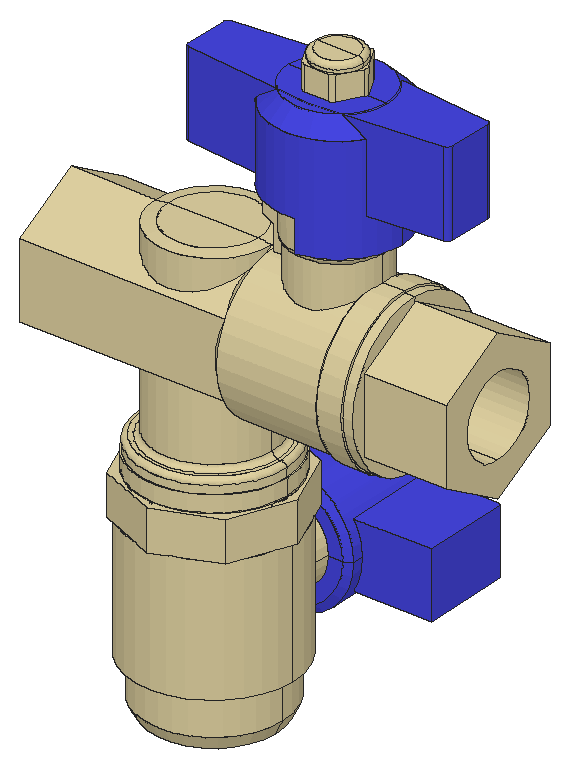
Revit family "QD37090000", category Apparecchi idraulici, Revit 2020
Family settings
  Quota connettore circolare = Usa diametro
  Tipo di parte = Normale
  Numero OmniClass = 23.45.00.00
  Titolo OmniClass = Sanitary, Laundry, and Cleaning Equipment
  Basato su piano di lavoro = No
  Sempre verticale = Sì
  Taglio con vuoti quando caricato = No
  Condiviso = No
  Punto di calcolo locali = No
Parameters
  URL = "https://web.cimberio.com/index.php/figura/1876?subcategoria_id="
  Temperatura di esercizio = "-20 ÷ 150°C"
  Prospetto di default = 0 mm
  Produttore = "CIMBERIO SPA"
  Pressione nominale = "PN 32"
  Modello = "Cim 630Y"
  Materiale = "Prodotto in lega di ottone conforme alla norma EN 12165-CW617N-DW"
  Descrizione = "Utilizzato nei più svariati settori dell'impiantistica: impianti di riscaldamento, condizionamento, idrici, igienico-sanitari, aria compressa e in generale con ogni fluido non corrosivo"
  DN Model [instance] = QD37091015 : QD37091015
  DN [instance] = 15 mm
  Commenti sul tipo = "Realizzato in ottemperanza ai requisiti gestionali della norma EN ISO 9001.\r\nCollaudato al 100% secondo la normativa EN 12266-1"
Reference planes
  plane 1 "Centro (Fronte/Retro)": y = 0
  plane 2: z = 0
  plane 3 "Centro (Sinistra/Destra)": x = 0
Dimensions and locks
  aligned and locked: level to plane 2
Nested families
  nested 1: "QD37091015" at (0, 0, 0), type <- "DN Model", type "QD37091015"
  nested 2: "QD37091015" at (0, 0, 0), type <- "DN Model", type "QD37091015"
  nested 3: "QD37091015" at (0, 0, 0), type <- "DN Model", type "QD37091015"
Connectors
  piping at (30.3, 0, 0), diameter 15, driven by "DN"
    settings: on nested 1, index 1, connector inside diameter 609.6 mm, connector length 0 mm, flow factor 0, pipe flow 0.0 L/s, pressure drop 0.0 Pa, fitting loss kfactor 0, connector angle 0.00°, fixture units 0, engagement length 0 mm, angle of deflection 0.00°, flow configuration 0, flow direction 0, fitting loss method 0, system type 7, joint type 0, gender type 0, connector reference index -1, connector utility 0, adjustable connector no, is connector primary yes, connector description ""
  piping at (-50.5, 0, 0), diameter 15, driven by "DN"
    settings: on nested 1, index 2, connector inside diameter 609.6 mm, connector length 0 mm, flow factor 0, pipe flow 0.0 L/s, pressure drop 0.0 Pa, fitting loss kfactor 0, connector angle 0.00°, fixture units 0, engagement length 0 mm, angle of deflection 0.00°, flow configuration 0, flow direction 0, fitting loss method 0, system type 7, joint type 0, gender type 0, connector reference index -1, connector utility 0, adjustable connector no, is connector primary no, connector description ""
Definition of nested family "QD37091015"
  Parameters (values of type "QD37091015")
    Default Elevation = 0 mm
  Reference planes
    plane 1 "Centro (Fronte/Retro)": y = 0
    plane 2: z = 0
    plane 3 "Centro (Sinistra/Destra)": x = 0
  Forms (mm)
    Extrusion 1, solid
      sketch origin (0, 0, 0) x (0, 0, -1) y (0, 1, 0)
        loop
          circle (0, 0) r 7.5
        loop
          line (-14, 0) -> (-7, -12.124) -> (7, -12.124) -> (14, 0) -> (7, 12.124) -> (-7, 12.124) -> (-14, 0)
      from -50.5 to -11
    Extrusion 2, solid
      sketch origin (0, 0, 0) x (0, 0, 1) y (0, -1, 0)
        loop
          circle (0, 0) r 7.5
        loop
          line (14.05, 0) -> (7.025, 12.168) -> (-7.025, 12.168) -> (-14.05, 0) -> (-7.025, -12.168) -> (7.025, -12.168) -> (14.05, 0)
      from 14.6 to 30.3
    Revolve 3, solid
      sketch origin (0, 0, 2.5) x (1, 0, 0) y (0, 0, 1)
        loop
          line (0, 43.3) -> (-9.25, 43.3) -> (-12.25, 40.3) -> (-12.25, 20.3) -> (-7.802, 20.3) -> (-7.802, 39.889) -> (0, 39.889) -> (0, 43.3)
        axis (0, 43.3) -> (0, 20.3)
      angle from 0 to 360
    Extrusion 4, void
      sketch origin (0, 0, 0) x (1, 0, 0) y (0, 1, 0)
        loop
          arc (-12.226, -0.772) -> (-7.782, -9.46) -> (1.6, -12.145) r 12.25
          line (1.6, -12.145) -> (1.6, -7.898)
          arc (1.6, -7.898) -> (-2.859, -5.409) -> (-4.999, -0.772) r 8.25
          line (-4.999, -0.772) -> (-12.226, -0.772)
      from 21.96 to 28.8
    Extrusion 5, solid
      sketch origin (-0.001, 0, 0) x (1, -0.000098, 0) y (0.000098, 1, 0)
        loop
          arc (-2.307, 5) -> (-2.809, 4.865) -> (-3.177, 4.498) r 1.004
          line (-3.177, 4.498) -> (-5.487, 0.496)
          arc (-5.487, 0.496) -> (-5.62, 0) -> (-5.487, -0.496) r 0.992
          line (-5.487, -0.496) -> (-3.188, -4.478)
          arc (-3.188, -4.478) -> (-2.806, -4.86) -> (-2.284, -5) r 1.043
          line (-2.284, -5) -> (2.288, -5)
          arc (2.288, -5) -> (2.806, -4.861) -> (3.186, -4.481) r 1.038
          line (3.186, -4.481) -> (5.496, -0.481)
          arc (5.496, -0.481) -> (5.625, 0) -> (5.496, 0.481) r 0.963
          line (5.496, 0.481) -> (3.176, 4.499)
          arc (3.176, 4.499) -> (2.809, 4.866) -> (2.309, 5) r 1.001
          line (2.309, 5) -> (-2.307, 5)
      from 45.8 to 50.3
    Revolve 6, solid
      sketch origin (0, 0, 0) x (1, 0, 0) y (0, 0, 1)
        loop
          line (0, 51.8) -> (0, 49.926) -> (4.75, 49.926) -> (4.75, 50.8)
          arc (4.75, 50.8) -> (4.457, 51.507) -> (3.75, 51.8) r 1
          line (3.75, 51.8) -> (0, 51.8)
        axis (0, 51.8) -> (0, 49.926)
      angle from 0 to 360
    Revolve 7, solid
      sketch origin (0, 0, 0) x (1, 0, 0) y (0, 0, 1)
        loop
          line (0.067, 27.3) -> (-9, 27.3) -> (-8.874, 20.742)
          arc (-8.874, 20.742) -> (-8.731, 20.295) -> (-8.367, 20) r 0.819
          line (-8.367, 20) -> (-8.367, 7.3) -> (0.067, 7.3) -> (0.067, 27.3)
        axis (0.067, 7.3) -> (0.067, 27.3)
      angle from 0 to 360
    Revolve 8, solid
      sketch origin (0, 0, 0) x (1, 0, 0) y (0, 0, 1)
        loop
          line (12.6, -7.5) -> (-13.15, -7.5) -> (-13.15, -12.65) -> (-11.5, -14.3) -> (7.5, -14.3)
          arc (7.5, -14.3) -> (7.635, -14.732) -> (8, -15) r 0.726
          line (8, -15) -> (12.6, -15) -> (12.6, -7.5)
        axis (12.6, 0) -> (-13.15, 0)
      angle from 0 to 360
    Revolve 9, solid
      sketch origin (0, 0, 0) x (1, 0, 0) y (0, 0, 1)
        loop
          line (12.6, 14.75) -> (12.6, 7.5) -> (14.6, 7.5) -> (14.6, 14.75) -> (12.6, 14.75)
        axis (12.6, 0) -> (14.6, 0)
      angle from 0 to 360
    Extrusion 10, solid
      sketch origin (0, 0, 0) x (1, 0, 0) y (0, 0, 1)
        loop
          line (-13, 26.3) -> (-13, 20) -> (-11, 18.845) -> (-11, 12.307) -> (-7.367, 12.307) -> (-7.367, 26.3) -> (-13, 26.3)
      from 0 to 1.5
    Extrusion 11, solid
      sketch origin (0, 0, 0) x (1, 0, 0) y (0, 1, 0)
        loop
          line (-25, 4.095) -> (-25, -4.095)
          arc (-25, -4.095) -> (-24.741, -4.766) -> (-24.099, -5.09) r 1
          line (-24.099, -5.09) -> (0, -7.495) -> (24.099, -5.09)
          arc (24.099, -5.09) -> (24.741, -4.766) -> (25, -4.095) r 1
          line (25, -4.095) -> (25, 4.095)
          arc (25, 4.095) -> (24.741, 4.766) -> (24.099, 5.09) r 1
          line (24.099, 5.09) -> (0, 7.495) -> (-24.099, 5.09)
          arc (-24.099, 5.09) -> (-24.741, 4.766) -> (-25, 4.095) r 1
      from 29.84 to 45.713
    Revolve 12, solid
      sketch origin (0, 0, 0) x (1, 0, 0) y (0, 0, 1)
        loop
          line (-37.5, -24.428) -> (-37.5, -27.428)
          arc (-37.5, -27.428) -> (-37.207, -28.135) -> (-36.5, -28.428) r 1
          line (-36.5, -28.428) -> (-31, -28.428) -> (-31, -24.428) -> (-37.5, -24.428)
        axis (-23.5, -28.428) -> (-23.5, -24.428)
      angle from 0 to 360
    Revolve 13, solid
      sketch origin (0, 0, 0) x (1, 0, 0) y (0, 0, 1)
        loop
          line (-31, -21.928) -> (-36.25, -21.928)
          arc (-36.25, -21.928) -> (-36.957, -22.221) -> (-37.25, -22.928) r 1
          line (-37.25, -22.928) -> (-37.25, -24.428) -> (-31, -24.428) -> (-31, -21.928)
        axis (-23.5, -24.428) -> (-23.5, -21.928)
      angle from 0 to 360
    Revolve 14, solid
      sketch origin (0, 0, 0) x (1, 0, 0) y (0, 0, 1)
        loop
          line (-31, -21.928) -> (-31, 11.872) -> (-23.5, 11.872) -> (-23.5, 14.372) -> (-32, 14.372)
          arc (-32, 14.372) -> (-33.259, 14.247) -> (-34.5, 14) r 13.001
          line (-34.5, 14) -> (-34.5, -20.928)
          arc (-34.5, -20.928) -> (-34.793, -21.635) -> (-35.5, -21.928) r 1
          line (-35.5, -21.928) -> (-31, -21.928)
        axis (-23.5, -21.928) -> (-23.5, 14.372)
      angle from 0 to 360
    Extrusion 15, solid
      sketch origin (-23.5, 0, -24.428) x (0, 1, 0) y (1, 0, 0)
        loop
          circle (0, 0) r 7.5
        loop
          line (15.95, 0) -> (11.278, 11.278) -> (0, 15.95) -> (-11.278, 11.278) -> (-15.95, 0) -> (-11.278, -11.278) -> (0, -15.95) -> (11.278, -11.278) -> (15.95, 0)
      from 3.081 to 10.581
    Revolve 16, solid
      sketch origin (0, 0, 0) x (1, 0, 0) y (0, 0, 1)
        loop
          line (-31.011, -35.008) -> (-38.511, -35.008) -> (-38.511, -58.708) -> (-31.011, -58.708) -> (-31.011, -35.008)
        axis (-23.511, -58.708) -> (-23.511, -35.008)
      angle from 0 to 360
    Revolve 17, solid
      sketch origin (0, 0, 0) x (1, 0, 0) y (0, 0, 1)
        loop
          line (-31.011, -58.708) -> (-36.638, -58.708) -> (-36.638, -66.046) -> (-35.193, -68.708) -> (-31.011, -68.708) -> (-31.011, -58.708)
        axis (-23.511, -58.708) -> (-23.511, -68.708)
      angle from 0 to 360
    Revolve 18, solid
      sketch origin (0, 0, -47.5) x (1, 0, 0) y (0, 1, 0)
        loop
          line (-23.5, 17.45) -> (-31.173, 17.45) -> (-30.732, 4.802) -> (-23.5, 4.802) -> (-23.5, 17.45)
        axis (-23.5, 17.45) -> (-23.5, 4.802)
      angle from 0 to 360
    Revolve 19, solid
      sketch origin (0, 0, -47.707) x (1, 0, 0) y (0, 1, 0)
        loop
          line (-23.5, 37.25) -> (-34.578, 37.25)
          arc (-34.578, 37.25) -> (-34.943, 37.046) -> (-35.08, 36.652) r 0.588
          line (-35.08, 36.652) -> (-35.4, 18.316) -> (-33.9, 17.45) -> (-23.5, 17.45) -> (-23.5, 37.25)
        axis (-23.5, 17.45) -> (-23.5, 37.25)
      angle from 0 to 360
    Extrusion 20, solid
      sketch origin (0, 0, 0) x (1, 0, 0) y (0, 1, 0)
        loop
          line (-23.485, 37.25) -> (-23.485, 20.25) -> (1.5, 20.25) -> (1.212, 36.759)
          arc (1.212, 36.759) -> (0.703, 37.122) -> (0.092, 37.25) r 1.523
          line (0.092, 37.25) -> (-23.485, 37.25)
      from -53.846 to -41.567
  Cuts and joins
    Extrusion 4 cuts Revolve 3
    joined: Revolve 7, Revolve 8
    joined: Extrusion 1, Revolve 14
    joined: Revolve 19, Extrusion 20
  Dimensions and locks
    aligned and locked: level to plane 2
